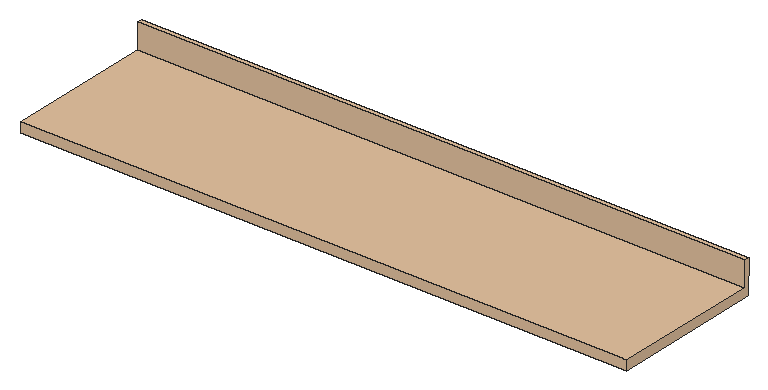
Revit family
Parameters (values of type "600mm Depth")
  Counter Thickness = 40 mm
  Counter Top Material = none
  Depth = 625 mm
  Height [instance] = 900 mm
  Length [instance] = 2500 mm
  Assembly Code = ""
Reference planes
  plane 1 "Back": y = 0
  plane 2: z = 0
  plane 3 "Left": x = -1200.462
  plane 4 "Right": x = 1299.538
  plane 5 "Front": y = -625
  plane 6 "Top": z = 900
  plane 7: z = 860
  plane 8: y = -19.05
  plane 9: z = 1001.6
Forms (mm)
  Extrusion 1, solid, material <- "Counter Top Material"
    sketch origin (0, 0, 0) x (1, 0, 0) y (0, 1, 0)
      loop
        line (-1200.462, 0) -> (-1200.462, -625) -> (1299.538, -625) -> (1299.538, 0) -> (-1200.462, 0)
    from 860 to 900
  Extrusion 2, solid, material <- "Counter Top Material"
    sketch origin (0, 0, 0) x (1, 0, 0) y (0, 1, 0)
      loop
        line (1299.538, 0) -> (-1200.462, 0) -> (-1200.462, -19.05) -> (1299.538, -19.05) -> (1299.538, 0)
    from 900 to 1001.6
Cuts and joins
  joined: Extrusion 1, Extrusion 2
Lines and regions (mm)
  Masking region 1
    outline origin (0, 0, 0) x (1, 0, 0) y (0, 1, 0)
      loop
        line (-1200.462, -625) -> (1299.538, -625) -> (1299.538, 0) -> (-1200.462, 0) -> (-1200.462, -625)
  symbolic lines, style "Casework"
    curve 1: line (-1200.462, -19.05, 0) -> (1299.538, -19.05, 0)
Dimensions and locks
  "Depth": plane 5 "Front" to plane 1 "Back"
  "Length": plane 3 "Left" to plane 4 "Right"
  "Height": level to plane 6 "Top"
  "Counter Thickness": plane 7 to plane 6 "Top"
  locked: plane 8 to plane 1 "Back" at 19.05
  plane 6 "Top" to plane 9 = 101.6 mm
  aligned and locked: plane 1 "Back" to Extrusion 1 sketch curve
  aligned and locked: plane 4 "Right" to Extrusion 1 sketch curve
  aligned and locked: Extrusion 1 sketch curve to plane 5 "Front"
  aligned and locked: Extrusion 1 sketch curve to plane 3 "Left"
  aligned and locked: Extrusion 1 to plane 6 "Top"
  aligned and locked: plane 7 to Extrusion 1
  aligned and locked: Extrusion 2 sketch curve to plane 1 "Back"
  aligned and locked: Extrusion 2 sketch curve to plane 8
  aligned and locked: Extrusion 2 sketch curve to plane 4 "Right"
  aligned and locked: plane 3 "Left" to Extrusion 2 sketch curve
  aligned and locked: Extrusion 2 to plane 9
  aligned and locked: plane 6 "Top" to Extrusion 2
Automatic sketch dimensions
  curve 1 to plane 4 "Right" = 0 mm
  curve 1 to plane 8 = 0 mm
  curve 1 to plane 3 "Left" = 0 mm
  Masking region 1 sketch curve to plane 1 "Back" = 0 mm
  Masking region 1 sketch curve to plane 3 "Left" = 0 mm
  Masking region 1 sketch curve to plane 4 "Right" = 0 mm
  Masking region 1 sketch curve to plane 5 "Front" = 0 mm
